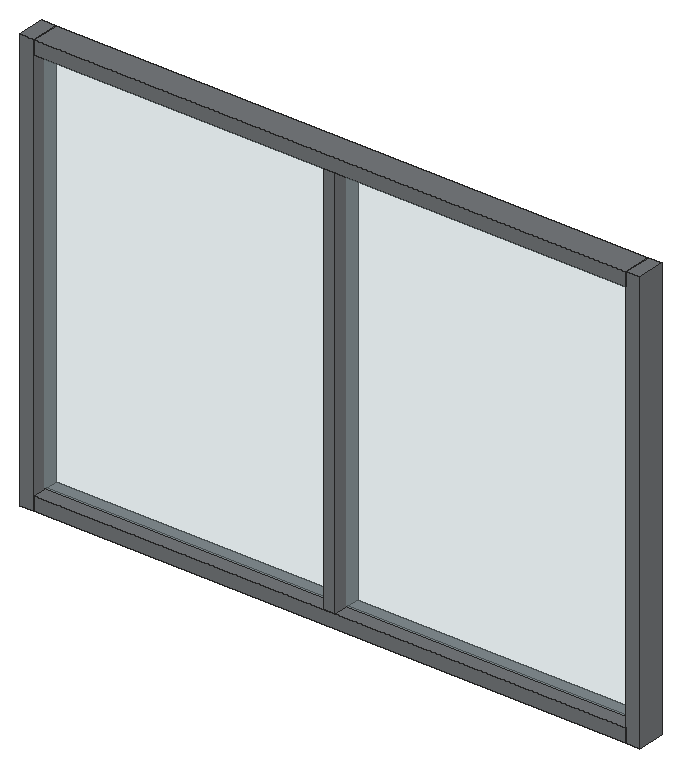
Revit family "LC W19 - A11", category Windows, host Wall, Revit 2027
Family settings
  Host = Wall
  Always vertical = Yes
  Cut with Voids When Loaded = No
  Shared = No
  Room Calculation Point = No
Parameters (values of type "A11 nominal size")
  Height = 1520 mm  # constant formula
  Description = "A07/A08 position, A11 overall sizes. Frame50x100 and glazing6mm are visual coordination profiles; manufacturer sections/glazing specification pending. Panel divisions follow schedule appearance, undimensioned divisions provisional."
  Default Sill Height = 0 mm
  Wall Closure = By host
  Width = 2230 mm  # constant formula
Reference planes
  plane 1 "Center (Front/Back)": y = 0
  plane 2 "Center (Left/Right)": x = 0
  plane 3 "Left": x = -1115
  plane 4 "Right": x = 1115
  plane 5 "Sill": z = 0
  plane 6 "Head": z = 1520
  plane 7 "Exterior": y = 100
  plane 8 "Interior": y = -100
Forms (mm)
  Extrusion 1, solid, material "LC Aluminium - charcoal coordination"
    sketch origin (0, 0, 0) x (1, 0, 0) y (0, 1, 0)
      loop
        line (-1115, -50) -> (-1065, -50) -> (-1065, 50) -> (-1115, 50) -> (-1115, -50)
    from 0 to 1520
  Extrusion 2, solid, material "LC Aluminium - charcoal coordination"
    sketch origin (0, 0, 0) x (1, 0, 0) y (0, 1, 0)
      loop
        line (1065, -50) -> (1115, -50) -> (1115, 50) -> (1065, 50) -> (1065, -50)
    from 0 to 1520
  Extrusion 3, solid, material "LC Aluminium - charcoal coordination"
    sketch origin (0, 0, 0) x (1, 0, 0) y (0, 1, 0)
      loop
        line (-1065, -50) -> (1065, -50) -> (1065, 50) -> (-1065, 50) -> (-1065, -50)
    from 1470 to 1520
  Extrusion 4, solid, material "LC Aluminium - charcoal coordination"
    sketch origin (0, 0, 0) x (1, 0, 0) y (0, 1, 0)
      loop
        line (-1065, -50) -> (1065, -50) -> (1065, 50) -> (-1065, 50) -> (-1065, -50)
    from 0 to 50
  Extrusion 5, solid, material "LC Aluminium - charcoal coordination"
    sketch origin (0, 0, 0) x (1, 0, 0) y (0, 1, 0)
      loop
        line (-20, -50) -> (20, -50) -> (20, 50) -> (-20, 50) -> (-20, -50)
    from 50 to 1470
  Extrusion 6, solid, material "LC Glazing - specification pending"
    sketch origin (0, 0, 0) x (1, 0, 0) y (0, 1, 0)
      loop
        line (-1065, -3) -> (0, -3) -> (0, 3) -> (-1065, 3) -> (-1065, -3)
    from 50 to 1470
  Extrusion 7, solid, material "LC Glazing - specification pending"
    sketch origin (0, 0, 0) x (1, 0, 0) y (0, 1, 0)
      loop
        line (0, -3) -> (1065, -3) -> (1065, 3) -> (0, 3) -> (0, -3)
    from 50 to 1470
Lines and regions (mm)
  Opening 1
    outline origin (3500, -100, 0) x (1, 0, 0) y (0, 0, 1)
      loop
        line (-2385, 0) -> (-2385, 1520) -> (-4615, 1520) -> (-4615, 0) -> (-2385, 0)
Text (mm)
  text "Exterior" at (-1963.203, 1332.353, 0), in view "Ref. Level"
  text "Interior" at (-1981.466, -818.386, 0), in view "Ref. Level"
  text "Exterior" at (0, 923.751, 2943.296), in view "Right"
  text "Exterior" at (0, 1040.484, 2685.409), in view "Left"
Dimensions and locks
  equal spacing: plane 3 "Left", plane 2 "Center (Left/Right)", plane 4 "Right"
  "Width": plane 3 "Left" to plane 4 "Right"
  "Height": plane 5 "Sill" to plane 6 "Head"
  "Default Sill Height": plane 5 "Sill" to level
  locked: plane 7 "Exterior" to host wall
  locked: plane 8 "Interior" to host wall
Automatic sketch dimensions
  Opening 1 sketch curve to plane 3 "Left" = 0 mm
  Opening 1 sketch curve to plane 4 "Right" = 0 mm
  Opening 1 sketch curve to plane 5 "Sill" = 0 mm
  Opening 1 sketch curve to plane 6 "Head" = 0 mm
  Extrusion 1 sketch curve to plane 3 "Left" = 0 mm
  Extrusion 1 sketch curve to Extrusion 1 sketch curve = 50 mm
  host wall to Extrusion 1 sketch curve = 50 mm
  Extrusion 1 sketch curve to host wall = 50 mm
  Extrusion 2 sketch curve to plane 4 "Right" = 0 mm
  plane 4 "Right" to Extrusion 2 sketch curve = 50 mm
  host wall to Extrusion 2 sketch curve = 50 mm
  Extrusion 2 sketch curve to host wall = 50 mm
  Extrusion 3 sketch curve to plane 3 "Left" = 50 mm
  plane 4 "Right" to Extrusion 3 sketch curve = 50 mm
  host wall to Extrusion 3 sketch curve = 50 mm
  Extrusion 3 sketch curve to host wall = 50 mm
  Extrusion 4 sketch curve to plane 3 "Left" = 50 mm
  plane 4 "Right" to Extrusion 4 sketch curve = 50 mm
  host wall to Extrusion 4 sketch curve = 50 mm
  Extrusion 4 sketch curve to host wall = 50 mm
  plane 2 "Center (Left/Right)" to Extrusion 5 sketch curve = 20 mm
  Extrusion 5 sketch curve to plane 2 "Center (Left/Right)" = 20 mm
  host wall to Extrusion 5 sketch curve = 50 mm
  Extrusion 5 sketch curve to host wall = 50 mm
  Extrusion 6 sketch curve to plane 2 "Center (Left/Right)" = 0 mm
  host wall to Extrusion 6 sketch curve = 3 mm
  Extrusion 6 sketch curve to plane 3 "Left" = 50 mm
  Extrusion 6 sketch curve to host wall = 3 mm
  Extrusion 7 sketch curve to plane 2 "Center (Left/Right)" = 0 mm
  Extrusion 7 sketch curve to host wall = 3 mm
  plane 4 "Right" to Extrusion 7 sketch curve = 50 mm
  host wall to Extrusion 7 sketch curve = 3 mm
